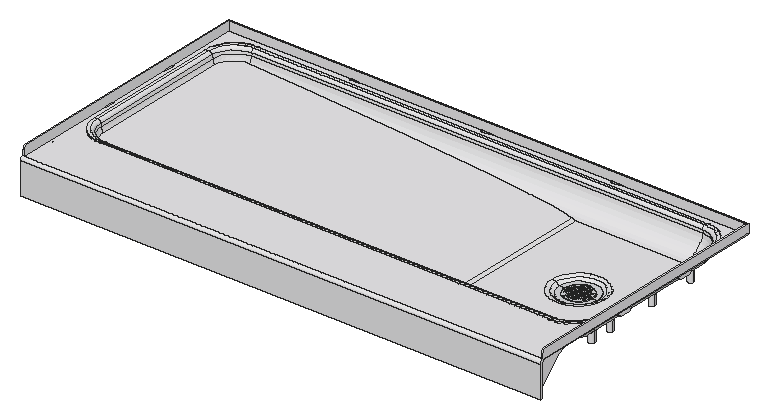
Revit family "Shower-Base-STERLING-Ensemble-72171120_1", category Plumbing Fixtures, host Face, Revit 2017 (continued)
Definition of nested family "72171120"
  Automatic sketch dimensions
    curve 78 to curve 76 = 0.05"
    curve 78 to curve 72 = 0.05"
    curve 102 to curve 96 = 0.05"
    curve 46 to curve 45 = 0.05"
    curve 102 to curve 100 = 0.05"
    curve 105 to curve 104 = 0.30625"
    curve 100 to curve 100 = 0.306"
    curve 45 to curve 43 = 0.306"
    curve 75 to curve 100 = 0"
    curve 97 to curve 111 = 0"
    curve 73 to curve 43 = 0"
    curve 109 to plane 12 = 0.02475"
    curve 107 to curve 109 = 0.30625"
    curve 40 to curve 40 = 0.306"
    curve 51 to curve 52 = 0.30625"
    curve 48 to curve 40 = 0"
    curve 55 to curve 54 = 0.05"
    curve 97 to curve 98 = 0.05"
    curve 109 to curve 110 = 0.05"
    curve 43 to curve 42 = 0.05"
    curve 73 to curve 74 = 0.05"
    curve 74 to curve 192 = 0.08975"
    curve 98 to curve 158 = 3/32"
    curve 42 to curve 150 = 3/32"
    curve 191 to curve 191 = 0.05"
    curve 192 to curve 194 = 0.05"
    curve 158 to curve 159 = 0.05"
    curve 158 to curve 157 = 0.05"
    curve 150 to curve 148 = 0.05"
    curve 150 to curve 151 = 0.05"
    curve 198 to plane 11 "A" = 0.14714"
    curve 193 to curve 198 = 0.31"
    curve 157 to curve 155 = 0.306"
    curve 152 to curve 198 = 0"
    curve 190 to plane 1 "Center (Front/Back)" = 0.16128"
    curve 190 to curve 190 = 0.31"
    curve 144 to curve 190 = 0"
    curve 148 to curve 148 = 0.306"
    curve 145 to curve 146 = 0.05"
    curve 198 to curve 195 = 0.05"
    curve 153 to curve 154 = 0.05"
    curve 199 to curve 197 = 0.05"
    curve 196 to plane 11 "A" = 0.13"
    curve 195 to curve 196 = 1/4"
    plane 6 to curve 200 = 4.01116"
    curve 12 to plane 8 = 3.15974"  (x2)
    plane 6 to curve 12 = 4.01116"
    curve 11 to curve 17 = 0.02497"
    curve 9 to curve 16 = 0.02497"
    curve 11 to curve 201 = 1.29844"
    plane 6 to curve 10 = 0.71272"
    plane 6 to curve 233 = 0.38838"
    plane 6 to curve 228 = 0.38838"
    curve 233 to curve 237 = 0.07293"
    curve 228 to curve 232 = 0.07293"
    curve 233 to curve 234 = 19/256"
    curve 228 to curve 230 = 19/256"
    curve 6 to curve 303 = 0.18146"
    curve 6 to plane 8 = 0.43243"
    curve 302 to plane 8 = 0.43243"
    curve 14 to curve 227 = 1.956"
    curve 11 to curve 237 = 1.956"
    curve 233 to curve 233 = 1.10109"
    curve 223 to curve 223 = 1.10109"
    curve 176 to curve 175 = 1/4"
    plane 12 to curve 111 = 0.2815"
    plane 12 to curve 121 = 0.2815"
    curve 121 to curve 174 = 0.00375"
    plane 12 to curve 140 = 0.42525"
    curve 127 to curve 112 = 3/32"
    plane 12 to curve 156 = 0.42525"
    curve 111 to curve 96 = 3/32"
    curve 171 to curve 90 = 0.09"
    curve 113 to curve 115 = 0.306"
    curve 153 to curve 198 = 0.14375"
    curve 102 to curve 102 = 0.306"
    curve 118 to curve 95 = 0"
    curve 137 to curve 188 = 0.21375"
    curve 116 to curve 84 = 0.09075"
    curve 100 to curve 76 = 0.09075"
    curve 94 to curve 38 = 0.09075"
    curve 136 to curve 184 = 3/32"
    curve 196 to plane 1 "Center (Front/Back)" = 0.09128"
    curve 189 to curve 189 = 0.01714"
    curve 78 to plane 1 "Center (Front/Back)" = 0.11428"
    curve 36 to curve 79 = 0"
    curve 73 to curve 44 = 0.09075"
    curve 81 to curve 60 = 0.09075"
    curve 181 to curve 128 = 3/32"
    curve 34 to curve 30 = 0.09075"
    curve 191 to curve 144 = 3/32"
    curve 150 to curve 150 = 0.306"
    curve 129 to curve 130 = 0.306"
    curve 45 to curve 46 = 0.306"
    curve 61 to curve 63 = 0.306"
    curve 62 to curve 24 = 0"
    curve 27 to curve 162 = 0.09"
    curve 40 to curve 48 = 3/32"
    curve 56 to curve 64 = 3/32"
    curve 70 to curve 70 = 0.30625"
    curve 161 to curve 169 = 0.31"
    curve 54 to curve 54 = 0.30625"
    curve 67 to curve 164 = 0"
    curve 165 to curve 166 = 1/4"
    curve 232 to plane 1 "Center (Front/Back)" = 4.27478"
    curve 222 to plane 1 "Center (Front/Back)" = 4.27478"
    curve 218 to curve 218 = 1.10109"
    curve 228 to curve 228 = 1.10109"
    curve 19 to plane 7 = 4.13074"
    curve 208 to plane 7 = 0.39"
    curve 6 to plane 7 = 0.18146"
    radius of Extrusion 14 sketch curve = 0.31721"  (x39)
    radius of curve 20 = 2 25/128"
    radius of curve 21 = 1 19/32"
    radius of curve 22 = 1.578"
    radius of curve 23 = 2.67433"
Types (3): name | Type | Model | Finish
  (no name) | 1 | "72171120-0" | Sterling-Vikrell-0-White
  96-Biscuit | 2 | "72171120-96" | Sterling-Vikrell-96-Biscuit
  0-White | 1 | "72171120-0" | Sterling-Vikrell-0-White
